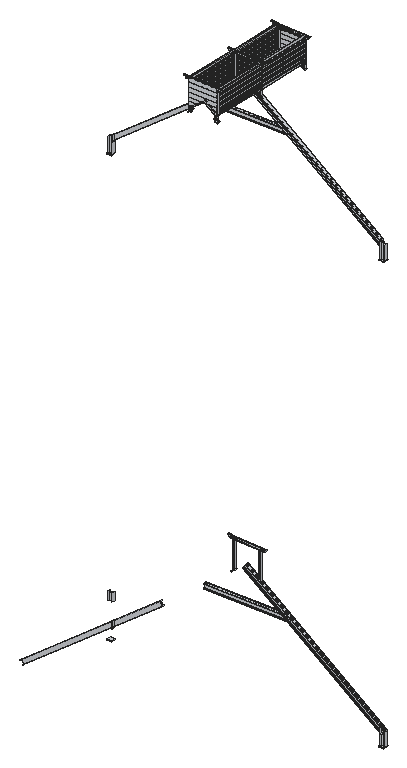
Revit family "STC_A3-Roof-Vent-Steel", category Generic Models, Revit 2016
Family settings
  Part Type = Normal
  Can host rebar = No
  Round Connector Dimension = Use Diameter
  Work Plane-Based = No
  Always vertical = Yes
  Cut with Voids When Loaded = No
  Shared = No
  Room Calculation Point = No
Parameters (values of type "Roof Vent Steel")
  Assembly Code = ""
Reference planes
  plane 1 "Center (Front/Back)": y = 0
  plane 2: z = 0
  plane 3 "Center (Left/Right)": x = 0
  plane 4: z = 2935.592
  plane 5: x = 600
  plane 6: x = -600
  plane 7: z = 4829.008
  plane 8: z = 6219.008
  plane 9: z = 6177.008
  plane 10 "Centre Line WA": y = -97.594
  plane 11: through (-750.378, -1524, 6224.606) normal (0.0352, 0, 0.9994)
  plane 12: through (725.637, -1524, 6172.585) normal (0.9994, 0, -0.0352)
  plane 13: through (-752.139, -1524, 6174.637) normal (0.0352, 0, 0.9994)
  plane 14: through (-1990.995, -1524, 6268.331) normal (0.0352, 0, 0.9994)
  plane 15: through (-514.98, -1524, 6216.31) normal (0.9994, 0, -0.0352)
  plane 16: through (-1992.756, -1524, 6218.363) normal (0.0352, 0, 0.9994)
  plane 17: through (-424.259, -1524, 6213.112) normal (0.0352, 0, 0.9994)
  plane 18: through (1051.756, -1524, 6161.091) normal (0.9994, 0, -0.0352)
  plane 19: through (-426.02, -1524, 6163.143) normal (0.0352, 0, 0.9994)
  plane 20: through (-750.378, -1524, -13775.394) normal (0.0352, 0, 0.9994)
  plane 21: through (725.637, -1524, -13827.415) normal (0.9994, 0, -0.0352)
  plane 22: through (-752.139, -1524, -13825.363) normal (0.0352, 0, 0.9994)
  plane 23: through (-1990.995, -1524, -13731.669) normal (0.0352, 0, 0.9994)
  plane 24: through (-514.98, -1524, -13783.69) normal (0.9994, 0, -0.0352)
  plane 25: through (-1992.756, -1524, -13781.637) normal (0.0352, 0, 0.9994)
  plane 26: through (-424.259, -1524, -13786.888) normal (0.0352, 0, 0.9994)
  plane 27: through (1051.756, -1524, -13838.909) normal (0.9994, 0, -0.0352)
  plane 28: through (-426.02, -1524, -13836.857) normal (0.0352, 0, 0.9994)
  plane 29: through (-750.378, -1524, -13775.394) normal (0.0352, 0, 0.9994)
  plane 30: through (725.637, -1524, -13827.415) normal (0.9994, 0, -0.0352)
  plane 31: through (-752.139, -1524, -13825.363) normal (0.0352, 0, 0.9994)
  plane 32: through (-1990.995, -1524, -13731.669) normal (0.0352, 0, 0.9994)
  plane 33: through (-514.98, -1524, -13783.69) normal (0.9994, 0, -0.0352)
  plane 34: through (-1992.756, -1524, -13781.637) normal (0.0352, 0, 0.9994)
  plane 35: through (-424.259, -1524, -13786.888) normal (0.0352, 0, 0.9994)
  plane 36: through (1051.756, -1524, -13838.909) normal (0.9994, 0, -0.0352)
  plane 37: through (-426.02, -1524, -13836.857) normal (0.0352, 0, 0.9994)
  plane 38: y = -2597.594
  plane 39 "Centre Back": y = 2402.406
  plane 40: through (-750.378, -1524, 6224.606) normal (0.0352, 0, 0.9994)
  plane 41: through (725.637, -1524, 6172.585) normal (0.9994, 0, -0.0352)
  plane 42: through (-752.139, -1524, 6174.637) normal (0.0352, 0, 0.9994)
  plane 43: through (-1990.995, -1524, 6268.331) normal (0.0352, 0, 0.9994)
  plane 44: through (-514.98, -1524, 6216.31) normal (0.9994, 0, -0.0352)
  plane 45: through (-1992.756, -1524, 6218.363) normal (0.0352, 0, 0.9994)
  plane 46: through (-424.259, -1524, 6213.112) normal (0.0352, 0, 0.9994)
  plane 47: through (1051.756, -1524, 6161.091) normal (0.9994, 0, -0.0352)
  plane 48: through (-426.02, -1524, 6163.143) normal (0.0352, 0, 0.9994)
  plane 49: through (-750.378, 976, 6224.606) normal (0.0352, 0, 0.9994)
  plane 50: through (725.637, 976, 6172.585) normal (0.9994, 0, -0.0352)
  plane 51: through (-752.139, 976, 6174.637) normal (0.0352, 0, 0.9994)
  plane 52: through (-1990.995, 976, 6268.331) normal (0.0352, 0, 0.9994)
  plane 53: through (-514.98, 976, 6216.31) normal (0.9994, 0, -0.0352)
  plane 54: through (-1992.756, 976, 6218.363) normal (0.0352, 0, 0.9994)
  plane 55: through (-424.259, 976, 6213.112) normal (0.0352, 0, 0.9994)
  plane 56: through (1051.756, 976, 6161.091) normal (0.9994, 0, -0.0352)
  plane 57: through (-426.02, 976, 6163.143) normal (0.0352, 0, 0.9994)
  plane 58: through (-750.378, -4024, 6224.606) normal (0.0352, 0, 0.9994)
  plane 59: through (725.637, -4024, 6172.585) normal (0.9994, 0, -0.0352)
  plane 60: through (-752.139, -4024, 6174.637) normal (0.0352, 0, 0.9994)
  plane 61: through (-1990.995, -4024, 6268.331) normal (0.0352, 0, 0.9994)
  plane 62: through (-514.98, -4024, 6216.31) normal (0.9994, 0, -0.0352)
  plane 63: through (-1992.756, -4024, 6218.363) normal (0.0352, 0, 0.9994)
  plane 64: through (-424.259, -4024, 6213.112) normal (0.0352, 0, 0.9994)
  plane 65: through (1051.756, -4024, 6161.091) normal (0.9994, 0, -0.0352)
  plane 66: through (-426.02, -4024, 6163.143) normal (0.0352, 0, 0.9994)
  plane 67 "L-top": z = 6069.308
  plane 68 "L-Bot": z = 5139.308
Forms (mm)
  Sweep 1, solid
    path origin (284.924, -97.594, 981.1) x (1, 0, 0) y (0, 0, 1)
      loop
        line (5965.063, -981.1) -> (5965.063, -145.802)
    profile "UB-Universal Beam-Profile : 203x133x30UB" origin (6249.988, -97.594, 417.649) x (-1, 0, 0) y (0, -1, 0)
      loop
        line (103.4, 66.95) -> (93.8, 66.95) -> (93.8, 3.2) -> (-93.8, 3.2) -> (-93.8, 66.95) -> (-103.4, 66.95) -> (-103.4, -66.95) -> (-93.8, -66.95) -> (-93.8, -3.2) -> (93.8, -3.2) -> (93.8, -66.95) -> (103.4, -66.95) -> (103.4, 66.95)
  Sweep 2, solid
    path origin (1608.181, -97.594, -3404.512) x (0.587785, 0, 0.809017) y (-0.809017, 0, 0.587785)
      loop
        line (5965.063, -1456.401) -> (5965.063, 6430.415)
    profile "UB-Universal Beam-Profile : 203x133x30UB" origin (3102.327, -97.594, 2883.152) x (-0.587785, 0, -0.809017) y (0, -1, 0)
      loop
        line (103.4, 66.95) -> (93.8, 66.95) -> (93.8, 3.2) -> (-93.8, 3.2) -> (-93.8, 66.95) -> (-103.4, 66.95) -> (-103.4, -66.95) -> (-93.8, -66.95) -> (-93.8, -3.2) -> (93.8, -3.2) -> (93.8, -66.95) -> (103.4, -66.95) -> (103.4, 66.95)
  Sweep 3, solid
    path origin (739.868, -97.594, 9700.656) x (0, 0, -1) y (1, 0, 0)
      loop
        line (5965.063, -2674.695) -> (5965.063, 1194.96)
    profile "UB-Universal Beam-Profile : 203x133x30UB" origin (0, -97.594, 3735.592) x (0, 0, 1) y (0, -1, 0)
      loop
        line (103.4, 66.95) -> (93.8, 66.95) -> (93.8, 3.2) -> (-93.8, 3.2) -> (-93.8, 66.95) -> (-103.4, 66.95) -> (-103.4, -66.95) -> (-93.8, -66.95) -> (-93.8, -3.2) -> (93.8, -3.2) -> (93.8, -66.95) -> (103.4, -66.95) -> (103.4, 66.95)
  Extrusion 4, void
    sketch origin (284.924, -97.594, 981.1) x (1, 0, 0) y (0, 0, 1)
      loop
        line (-284.924, 3895.562) -> (-284.924, 4355.562) -> (-524.924, 4355.562) -> (-524.924, 3895.562) -> (-284.924, 3895.562)
    from -357.342 to 250
  Extrusion 5, void
    sketch origin (6691.586, -97.594, -3048.802) x (1, 0, 0) y (0, 0, 1)
      loop
        line (-284.924, 3659.023) -> (-284.924, 3995.15) -> (-609.924, 3995.15) -> (-609.924, 3895.15) -> (-284.924, 3659.023)
    from -357.342 to 250
  Extrusion 6, void
    sketch origin (6431.491, -97.594, -3481.672) x (1, 0, 0) y (0, 0, 1)
      loop
        line (-284.904, 3930.369) -> (145.096, 3930.369) -> (145.096, 4290.369) -> (-284.904, 4290.369) -> (-284.904, 3930.369)
    from -357.342 to 250
  Extrusion 7, void
    sketch origin (394.95, -97.594, 901.161) x (1, 0, 0) y (0, 0, 1)
      loop
        line (1107.928, 3016.248) -> (1595.229, 2662.203) -> (1716.783, 2829.508) -> (1229.482, 3183.553) -> (1107.928, 3016.248)
    from -445.188 to 250
  Sweep 8, solid
    path origin (-284.924, -97.594, 981.1) x (-1, 0, 0) y (0, 0, 1)
      loop
        line (5965.063, -981.1) -> (5965.063, -145.802)
    profile "UB-Universal Beam-Profile : 203x133x30UB" origin (-6249.987, -97.594, 417.649) x (-1, 0, 0) y (0, -1, 0)
      loop
        line (103.4, -66.95) -> (103.4, 66.95) -> (93.8, 66.95) -> (93.8, 3.2) -> (-93.8, 3.2) -> (-93.8, 66.95) -> (-103.4, 66.95) -> (-103.4, -66.95) -> (-93.8, -66.95) -> (-93.8, -3.2) -> (93.8, -3.2) -> (93.8, -66.95) -> (103.4, -66.95)
  Sweep 9, solid
    path origin (-1608.181, -97.594, -3404.512) x (-0.587785, 0, 0.809017) y (0.809017, 0, 0.587785)
      loop
        line (5965.063, -1456.401) -> (5965.063, 6430.415)
    profile "UB-Universal Beam-Profile : 203x133x30UB" origin (-3102.327, -97.594, 2883.152) x (-0.587785, 0, 0.809017) y (0, -1, 0)
      loop
        line (103.4, -66.95) -> (103.4, 66.95) -> (93.8, 66.95) -> (93.8, 3.2) -> (-93.8, 3.2) -> (-93.8, 66.95) -> (-103.4, 66.95) -> (-103.4, -66.95) -> (-93.8, -66.95) -> (-93.8, -3.2) -> (93.8, -3.2) -> (93.8, -66.95) -> (103.4, -66.95)
  Extrusion 10, void
    sketch origin (-284.924, -97.594, 981.1) x (-1, 0, 0) y (0, 0, -1)
      loop
        line (-284.924, -3895.562) -> (-524.924, -3895.562) -> (-524.924, -4355.562) -> (-284.924, -4355.562) -> (-284.924, -3895.562)
    from -357.342 to 250
  Extrusion 11, void
    sketch origin (-284.924, -97.594, 981.1) x (-1, 0, 0) y (0, 0, -1)
      loop
        line (5861.663, 616.808) -> (5861.663, 36.808) -> (6301.663, 36.808) -> (6301.663, 616.808) -> (5861.663, 616.808)
    from -558.121 to 250
  Extrusion 12, void
    sketch origin (-394.95, -97.594, 901.161) x (-1, 0, 0) y (0, 0, -1)
      loop
        line (1107.928, -3016.248) -> (1229.482, -3183.553) -> (1716.783, -2829.508) -> (1595.229, -2662.203) -> (1107.928, -3016.248)
    from -445.188 to 250
  Extrusion 13, void
    sketch origin (-6691.586, -97.594, -3048.802) x (-1, 0, 0) y (0, 0, -1)
      loop
        line (-284.924, -3659.023) -> (-609.924, -3895.15) -> (-609.924, -3995.15) -> (-284.924, -3995.15) -> (-284.924, -3659.023)
    from -357.342 to 250
  Extrusion 14, solid
    sketch origin (0, 0, -16) x (1, 0, 0) y (0, 1, 0)
      loop
        line (-6139.987, -197.594) -> (-6139.987, 2.406) -> (-6359.987, 2.406) -> (-6359.987, -197.594) -> (-6139.987, -197.594)
    from 0 to 16
  Extrusion 15, solid
    sketch origin (0, 0, -16) x (-1, 0, 0) y (0, -1, 0)
      loop
        line (-6139.987, 197.594) -> (-6359.987, 197.594) -> (-6359.987, -2.406) -> (-6139.987, -2.406) -> (-6139.987, 197.594)
    from 0 to 16
  Extrusion 16, solid
    sketch origin (-6146.587, 0, -5549.187) x (0, 0, -1) y (0, 1, 0)
      loop
        line (-6059.988, -164.544) -> (-6059.988, -30.644) -> (-6359.988, -30.644) -> (-6359.988, -164.544) -> (-6059.988, -164.544)
    from 0 to 16
  Extrusion 17, solid
    sketch origin (6146.587, 0, -5549.187) x (0, 0, -1) y (0, -1, 0)
      loop
        line (-6059.988, 164.544) -> (-6359.988, 164.544) -> (-6359.988, 30.644) -> (-6059.988, 30.644) -> (-6059.988, 164.544)
    from 0 to 16
  Sweep 18, solid
    path origin (5369.644, -97.594, 5998.385) x (-1, 0, 0) y (0, 0, -1)
      loop
        line (4769.644, 1201.403) -> (4769.644, -128.597) -> (5965.063, -170.729) -> (5965.063, 1194.96)
    profile "UB-Universal Beam-Profile : 100x50x3x5 RHS" origin (-595.419, -97.594, 5486.269) x (1, 0, 0) y (0, -1, 0)
      loop
        line (50, 25) -> (45, 25) -> (45, 1.5) -> (-45, 1.5) -> (-45, 25) -> (-50, 25) -> (-50, -25) -> (-45, -25) -> (-45, -1.5) -> (45, -1.5) -> (45, -25) -> (50, -25) -> (50, 25)
  Extrusion 19, void
    sketch origin (-3429.851, -97.594, 6772.397) x (0, 0, -1) y (1, 0, 0)
      loop
        line (1974.393, 2776.97) -> (1978.972, 2776.97) -> (1978.972, 2890.233) -> (1892.103, 2890.233) -> (1974.393, 2776.97)
    from -445.188 to 250
  Extrusion 20, void
    sketch origin (-3827.05, -97.594, 4727.74) x (0, 0, 1) y (-1, 0, 0)
      loop
        line (1384.516, -3056.254) -> (1509.062, -2929.375) -> (1510.378, -2892.051) -> (1390.452, -2887.824) -> (1384.516, -3056.254)
      loop
        line (1367.098, -3181.631) -> (1367.098, -3196.631) -> (1507.098, -3196.631) -> (1507.098, -3181.631) -> (1367.098, -3181.631)
    from -445.188 to 250
  Extrusion 21, solid
    sketch origin (0, 0, 0) x (1, 0, 0) y (0, 0, 1)
      loop
        line (-678.402, 4772.046) -> (-513.267, 4892.023) -> (-516.794, 4896.877) -> (-681.928, 4776.9) -> (-678.402, 4772.046)
    from 30.644 to 164.544
  Extrusion 22, solid
    sketch origin (0, 0, 0) x (-1, 0, 0) y (0, 0, -1)
      loop
        line (-678.402, -4772.046) -> (-681.928, -4776.9) -> (-516.794, -4896.877) -> (-513.267, -4892.023) -> (-678.402, -4772.046)
    from 30.644 to 164.544
  Extrusion 23, void
    sketch origin (3429.851, -97.594, 6772.397) x (0, 0, -1) y (1, 0, 0)
      loop
        line (1974.393, -2776.97) -> (1892.103, -2890.233) -> (1978.972, -2890.233) -> (1978.972, -2776.97) -> (1974.393, -2776.97)
    from -445.188 to 250
  Sweep 24, solid
    path origin (4129.027, -97.594, 6042.11) x (-1, 0, 0) y (0, 0, -1)
      loop
        line (5049.47, -138.459) -> (4769.644, -128.597)
    profile "UB-Universal Beam-Profile : 100x50 IPE" origin (-780.53, -97.594, 6175.638) x (0.035223, 0, 0.999379) y (0, -1, 0)
      loop
        line (50, 25) -> (40, 25) -> (40, 1.5) -> (-40, 1.5) -> (-40, 25) -> (-50, 25) -> (-50, -25) -> (-40, -25) -> (-40, -1.5) -> (40, -1.5) -> (40, -25) -> (50, -25) -> (50, 25)
  Extrusion 25, void
    sketch origin (3827.05, -97.594, 4727.74) x (0, 0, 1) y (-1, 0, 0)
      loop
        line (1445.532, 2922.164) -> (1334.587, 3039.261) -> (1328.992, 2880.51) -> (1443.921, 2876.459) -> (1445.532, 2922.164)
      loop
        line (1447.511, 3177.05) -> (1447.511, 3196.694) -> (1340.136, 3196.694) -> (1340.136, 3177.05) -> (1447.511, 3177.05)
    from -445.188 to 250
  Sweep 26, solid
    path origin (5695.763, -97.594, 5986.891) x (-1, 0, 0) y (0, 0, -1)
      loop
        line (5052.327, -138.56) -> (4769.644, -128.597)
    profile "UB-Universal Beam-Profile : 100x50 IPE" origin (784.777, -97.594, 6120.469) x (0.035223, 0, 0.999379) y (0, -1, 0)
      loop
        line (50, 25) -> (40, 25) -> (40, 1.5) -> (-40, 1.5) -> (-40, 25) -> (-50, 25) -> (-50, -25) -> (-40, -25) -> (-40, -1.5) -> (40, -1.5) -> (40, -25) -> (50, -25) -> (50, 25)
  Extrusion 27, solid
    sketch origin (4.408, 0, 0) x (1, 0, 0) y (0, 0, 1)
      loop
        line (-601.828, 5128.062) -> (-643.828, 5128.062)
        arc (-643.828, 5128.062) -> (-646.656, 5126.891) -> (-647.828, 5124.062) r 4
        line (-647.828, 5124.062) -> (-647.828, 5034.235)
        arc (-647.828, 5034.235) -> (-646.656, 5031.406) -> (-643.828, 5030.235) r 4
        line (-643.828, 5030.235) -> (-601.828, 5030.235)
        arc (-601.828, 5030.235) -> (-598.999, 5031.406) -> (-597.828, 5034.235) r 4
        line (-597.828, 5034.235) -> (-597.828, 5050.235) -> (-600.828, 5050.235) -> (-600.828, 5034.235)
        arc (-600.828, 5034.235) -> (-601.121, 5033.527) -> (-601.828, 5033.235) r 1
        line (-601.828, 5033.235) -> (-643.828, 5033.235)
        arc (-643.828, 5033.235) -> (-644.535, 5033.527) -> (-644.828, 5034.235) r 1
        line (-644.828, 5034.235) -> (-644.828, 5124.062)
        arc (-644.828, 5124.062) -> (-644.535, 5124.769) -> (-643.828, 5125.062) r 1
        line (-643.828, 5125.062) -> (-601.828, 5125.062)
        arc (-601.828, 5125.062) -> (-601.121, 5124.769) -> (-600.828, 5124.062) r 1
        line (-600.828, 5124.062) -> (-600.828, 5108.062) -> (-597.828, 5108.062) -> (-597.828, 5124.062)
        arc (-597.828, 5124.062) -> (-598.999, 5126.891) -> (-601.828, 5128.062) r 4
      loop
        arc (-643.828, 6221.838) -> (-646.656, 6220.666) -> (-647.828, 6217.838) r 4
        line (-647.828, 6217.838) -> (-647.828, 6075.838)
        arc (-647.828, 6075.838) -> (-646.656, 6073.009) -> (-643.828, 6071.838) r 4
        line (-643.828, 6071.838) -> (-601.828, 6071.838)
        arc (-601.828, 6071.838) -> (-598.999, 6073.009) -> (-597.828, 6075.838) r 4
        line (-597.828, 6075.838) -> (-597.828, 6091.838) -> (-600.828, 6091.838) -> (-600.828, 6075.838)
        arc (-600.828, 6075.838) -> (-601.121, 6075.131) -> (-601.828, 6074.838) r 1
        line (-601.828, 6074.838) -> (-643.828, 6074.838)
        arc (-643.828, 6074.838) -> (-644.535, 6075.131) -> (-644.828, 6075.838) r 1
        line (-644.828, 6075.838) -> (-644.828, 6217.838)
        arc (-644.828, 6217.838) -> (-644.535, 6218.545) -> (-643.828, 6218.838) r 1
        line (-643.828, 6218.838) -> (-601.828, 6218.838)
        arc (-601.828, 6218.838) -> (-601.121, 6218.545) -> (-600.828, 6217.838) r 1
        line (-600.828, 6217.838) -> (-600.828, 6201.838) -> (-597.828, 6201.838) -> (-597.828, 6217.838)
        arc (-597.828, 6217.838) -> (-598.999, 6220.666) -> (-601.828, 6221.838) r 4
        line (-601.828, 6221.838) -> (-643.828, 6221.838)
      loop
        arc (596.791, 6167.838) -> (597.084, 6168.545) -> (597.791, 6168.838) r 1
        line (597.791, 6168.838) -> (639.791, 6168.838)
        arc (639.791, 6168.838) -> (640.498, 6168.545) -> (640.791, 6167.838) r 1
        line (640.791, 6167.838) -> (640.791, 6075.838)
        arc (640.791, 6075.838) -> (640.498, 6075.131) -> (639.791, 6074.838) r 1
        line (639.791, 6074.838) -> (597.791, 6074.838)
        arc (597.791, 6074.838) -> (597.084, 6075.131) -> (596.791, 6075.838) r 1
        line (596.791, 6075.838) -> (596.791, 6091.838) -> (593.791, 6091.838) -> (593.791, 6075.838)
        arc (593.791, 6075.838) -> (594.962, 6073.009) -> (597.791, 6071.838) r 4
        line (597.791, 6071.838) -> (639.791, 6071.838)
        arc (639.791, 6071.838) -> (642.619, 6073.009) -> (643.791, 6075.838) r 4
        line (643.791, 6075.838) -> (643.791, 6167.838)
        arc (643.791, 6167.838) -> (642.619, 6170.666) -> (639.791, 6171.838) r 4
        line (639.791, 6171.838) -> (597.791, 6171.838)
        arc (597.791, 6171.838) -> (594.962, 6170.666) -> (593.791, 6167.838) r 4
        line (593.791, 6167.838) -> (593.791, 6151.838) -> (596.791, 6151.838) -> (596.791, 6167.838)
      loop
        line (597.419, 5125.062) -> (639.419, 5125.062)
        arc (639.419, 5125.062) -> (640.126, 5124.769) -> (640.419, 5124.062) r 1
        line (640.419, 5124.062) -> (640.419, 5034.235)
        arc (640.419, 5034.235) -> (640.126, 5033.527) -> (639.419, 5033.235) r 1
        line (639.419, 5033.235) -> (597.419, 5033.235)
        arc (597.419, 5033.235) -> (596.712, 5033.527) -> (596.419, 5034.235) r 1
        line (596.419, 5034.235) -> (596.419, 5050.235) -> (593.419, 5050.235) -> (593.419, 5034.235)
        arc (593.419, 5034.235) -> (594.591, 5031.406) -> (597.419, 5030.235) r 4
        line (597.419, 5030.235) -> (639.419, 5030.235)
        arc (639.419, 5030.235) -> (642.248, 5031.406) -> (643.419, 5034.235) r 4
        line (643.419, 5034.235) -> (643.419, 5124.062)
        arc (643.419, 5124.062) -> (642.248, 5126.891) -> (639.419, 5128.062) r 4
        line (639.419, 5128.062) -> (597.419, 5128.062)
        arc (597.419, 5128.062) -> (594.591, 5126.891) -> (593.419, 5124.062) r 4
        line (593.419, 5124.062) -> (593.419, 5108.062) -> (596.419, 5108.062) -> (596.419, 5124.062)
        arc (596.419, 5124.062) -> (596.712, 5124.769) -> (597.419, 5125.062) r 1
    from 100.794 to 2596.094
  Sweep 28, solid
    path origin (284.924, -97.594, -19018.9) x (1, 0, 0) y (0, 0, 1)
      loop
        line (5965.063, -981.1) -> (5965.063, -145.802)
    profile "UB-Universal Beam-Profile : 203x133x30UB" origin (6249.988, -97.594, -19582.351) x (-1, 0, 0) y (0, -1, 0)
      loop
        line (103.4, 66.95) -> (93.8, 66.95) -> (93.8, 3.2) -> (-93.8, 3.2) -> (-93.8, 66.95) -> (-103.4, 66.95) -> (-103.4, -66.95) -> (-93.8, -66.95) -> (-93.8, -3.2) -> (93.8, -3.2) -> (93.8, -66.95) -> (103.4, -66.95) -> (103.4, 66.95)
  Sweep 29, solid
    path origin (1608.181, -97.594, -23404.512) x (0.587785, 0, 0.809017) y (-0.809017, 0, 0.587785)
      loop
        line (5965.063, -1456.401) -> (5965.063, 6430.415)
    profile "UB-Universal Beam-Profile : 203x133x30UB" origin (3102.327, -97.594, -17116.848) x (-0.587785, 0, -0.809017) y (0, -1, 0)
      loop
        line (103.4, 66.95) -> (93.8, 66.95) -> (93.8, 3.2) -> (-93.8, 3.2) -> (-93.8, 66.95) -> (-103.4, 66.95) -> (-103.4, -66.95) -> (-93.8, -66.95) -> (-93.8, -3.2) -> (93.8, -3.2) -> (93.8, -66.95) -> (103.4, -66.95) -> (103.4, 66.95)
  Sweep 30, solid
    path origin (739.868, -97.594, -10299.344) x (0, 0, -1) y (1, 0, 0)
      loop
        line (5965.063, -2674.695) -> (5965.063, 1194.96)
    profile "UB-Universal Beam-Profile : 203x133x30UB" origin (0, -97.594, -16264.408) x (0, 0, 1) y (0, -1, 0)
      loop
        line (103.4, 66.95) -> (93.8, 66.95) -> (93.8, 3.2) -> (-93.8, 3.2) -> (-93.8, 66.95) -> (-103.4, 66.95) -> (-103.4, -66.95) -> (-93.8, -66.95) -> (-93.8, -3.2) -> (93.8, -3.2) -> (93.8, -66.95) -> (103.4, -66.95) -> (103.4, 66.95)
  Extrusion 31, void
    sketch origin (6691.586, -97.594, -23048.802) x (1, 0, 0) y (0, 0, 1)
      loop
        line (-284.924, 3659.023) -> (-284.924, 3995.15) -> (-609.924, 3995.15) -> (-609.924, 3895.15) -> (-284.924, 3659.023)
    from -357.342 to 250
  Extrusion 32, void
    sketch origin (6431.491, -97.594, -23481.672) x (1, 0, 0) y (0, 0, 1)
      loop
        line (-284.904, 3930.369) -> (145.096, 3930.369) -> (145.096, 4290.369) -> (-284.904, 4290.369) -> (-284.904, 3930.369)
    from -357.342 to 250
  Sweep 33, solid
    path origin (-284.924, -97.594, -19018.9) x (-1, 0, 0) y (0, 0, -1)
      loop
        line (5965.063, -981.1) -> (5965.063, -145.802)
    profile "UB-Universal Beam-Profile : 203x133x30UB" origin (-6249.987, -97.594, -18455.449) x (1, 0, 0) y (0, -1, 0)
      loop
        line (103.4, -66.95) -> (103.4, 66.95) -> (93.8, 66.95) -> (93.8, 3.2) -> (-93.8, 3.2) -> (-93.8, 66.95) -> (-103.4, 66.95) -> (-103.4, -66.95) -> (-93.8, -66.95) -> (-93.8, -3.2) -> (93.8, -3.2) -> (93.8, -66.95) -> (103.4, -66.95)
  Sweep 34, solid
    path origin (-1608.181, -97.594, -23404.512) x (-0.587785, 0, 0.809017) y (-0.809017, 0, -0.587785)
      loop
        line (5965.063, -1456.401) -> (5965.063, 6430.415)
    profile "UB-Universal Beam-Profile : 203x133x30UB" origin (-7126.388, -97.594, -20040.5) x (0.587785, 0, -0.809017) y (0, -1, 0)
      loop
        line (103.4, -66.95) -> (103.4, 66.95) -> (93.8, 66.95) -> (93.8, 3.2) -> (-93.8, 3.2) -> (-93.8, 66.95) -> (-103.4, 66.95) -> (-103.4, -66.95) -> (-93.8, -66.95) -> (-93.8, -3.2) -> (93.8, -3.2) -> (93.8, -66.95) -> (103.4, -66.95)
  Extrusion 35, void
    sketch origin (-284.924, -97.594, -19018.9) x (-1, 0, 0) y (0, 0, -1)
      loop
        line (5861.663, -616.808) -> (6301.663, -616.808) -> (6301.663, -36.808) -> (5861.663, -36.808) -> (5861.663, -616.808)
    from -558.121 to 250
  Extrusion 36, void
    sketch origin (-6691.586, -97.594, -23048.802) x (-1, 0, 0) y (0, 0, -1)
      loop
        line (-284.924, 3659.023) -> (-284.924, 3995.15) -> (-609.924, 3995.15) -> (-609.924, 3895.15) -> (-284.924, 3659.023)
    from -357.342 to 250
  Extrusion 37, solid
    sketch origin (0, 0, -20016) x (1, 0, 0) y (0, 1, 0)
      loop
        line (-6139.987, -197.594) -> (-6139.987, 2.406) -> (-6359.987, 2.406) -> (-6359.987, -197.594) -> (-6139.987, -197.594)
    from 0 to 16
  Extrusion 38, solid
    sketch origin (0, 0, -20016) x (-1, 0, 0) y (0, -1, 0)
      loop
        line (-6139.987, 197.594) -> (-6359.987, 197.594) -> (-6359.987, -2.406) -> (-6139.987, -2.406) -> (-6139.987, 197.594)
    from 0 to 16
  Extrusion 39, solid
    sketch origin (-6146.587, 0, -25549.187) x (0, 0, -1) y (0, 1, 0)
      loop
        line (-6059.987, -164.544) -> (-6059.987, -30.644) -> (-6359.988, -30.644) -> (-6359.988, -164.544) -> (-6059.987, -164.544)
    from 0 to 16
  Extrusion 40, solid
    sketch origin (6146.587, 0, -25549.187) x (0, 0, -1) y (0, -1, 0)
      loop
        line (-6059.987, 164.544) -> (-6359.988, 164.544) -> (-6359.988, 30.644) -> (-6059.987, 30.644) -> (-6059.987, 164.544)
    from 0 to 16
  Sweep 41, solid
    path origin (5369.644, -97.594, -14001.615) x (-1, 0, 0) y (0, 0, -1)
      loop
        line (4769.644, 1201.403) -> (4769.644, -128.597) -> (5965.063, -170.729) -> (5965.063, 1194.96)
    profile "UB-Universal Beam-Profile : 100x50x3x5 RHS" origin (-595.419, -97.594, -14513.731) x (1, 0, 0) y (0, -1, 0)
      loop
        line (50, 25) -> (45, 25) -> (45, 1.5) -> (-45, 1.5) -> (-45, 25) -> (-50, 25) -> (-50, -25) -> (-45, -25) -> (-45, -1.5) -> (45, -1.5) -> (45, -25) -> (50, -25) -> (50, 25)
  Extrusion 42, void
    sketch origin (-3429.851, -97.594, -13227.603) x (0, 0, -1) y (1, 0, 0)
      loop
        line (1974.393, 2776.97) -> (1978.972, 2776.97) -> (1978.972, 2890.233) -> (1892.103, 2890.233) -> (1974.393, 2776.97)
    from -445.188 to 250
  Extrusion 43, void
    sketch origin (-3827.05, -97.594, -15272.26) x (0, 0, 1) y (-1, 0, 0)
      loop
        line (1384.516, -3056.254) -> (1509.062, -2929.375) -> (1510.378, -2892.051) -> (1390.452, -2887.824) -> (1384.516, -3056.254)
      loop
        line (1367.098, -3181.631) -> (1367.098, -3196.631) -> (1507.098, -3196.631) -> (1507.098, -3181.631) -> (1367.098, -3181.631)
    from -445.188 to 250
  Extrusion 44, solid
    sketch origin (0, 0, -20000) x (1, 0, 0) y (0, 0, 1)
      loop
        line (-678.402, 4772.046) -> (-513.267, 4892.023) -> (-516.794, 4896.877) -> (-681.928, 4776.9) -> (-678.402, 4772.046)
    from 30.644 to 164.544
  Extrusion 45, void
    sketch origin (3429.851, -97.594, -13227.603) x (0, 0, -1) y (1, 0, 0)
      loop
        line (1974.393, -2776.97) -> (1892.103, -2890.233) -> (1978.972, -2890.233) -> (1978.972, -2776.97) -> (1974.393, -2776.97)
    from -2751.44 to 3002.406
  Sweep 46, solid
    path origin (4129.027, -97.594, -13957.89) x (-1, 0, 0) y (0, 0, -1)
      loop
        line (5049.47, -138.459) -> (4769.644, -128.597)
    profile "UB-Universal Beam-Profile : 100x50 IPE" origin (-780.53, -97.594, -13824.362) x (0.035223, 0, 0.999379) y (0, -1, 0)
      loop
        line (50, 25) -> (40, 25) -> (40, 1.5) -> (-40, 1.5) -> (-40, 25) -> (-50, 25) -> (-50, -25) -> (-40, -25) -> (-40, -1.5) -> (40, -1.5) -> (40, -25) -> (50, -25) -> (50, 25)
  Extrusion 47, void
    sketch origin (3827.05, -97.594, -15272.26) x (0, 0, 1) y (-1, 0, 0)
      loop
        line (1445.532, 2922.164) -> (1334.587, 3039.261) -> (1328.992, 2880.51) -> (1443.921, 2876.459) -> (1445.532, 2922.164)
      loop
        line (1447.511, 3177.05) -> (1447.511, 3196.694) -> (1340.136, 3196.694) -> (1340.136, 3177.05) -> (1447.511, 3177.05)
    from -445.188 to 250
  Sweep 48, solid
    path origin (5695.763, -97.594, -14013.109) x (-1, 0, 0) y (0, 0, -1)
      loop
        line (5052.327, -138.56) -> (4769.644, -128.597)
    profile "UB-Universal Beam-Profile : 100x50 IPE" origin (784.777, -97.594, -13879.531) x (0.035223, 0, 0.999379) y (0, -1, 0)
      loop
        line (50, 25) -> (40, 25) -> (40, 1.5) -> (-40, 1.5) -> (-40, 25) -> (-50, 25) -> (-50, -25) -> (-40, -25) -> (-40, -1.5) -> (40, -1.5) -> (40, -25) -> (50, -25) -> (50, 25)
  Sweep 49, solid, not visible
    path origin (284.924, -97.594, -19018.9) x (1, 0, 0) y (0, 0, 1)
      loop
        line (5965.063, -981.1) -> (5965.063, -145.802)
    profile "UB-Universal Beam-Profile : 203x133x30UB" origin (6249.988, -97.594, -19582.351) x (-1, 0, 0) y (0, -1, 0)
      loop
        line (103.4, 66.95) -> (93.8, 66.95) -> (93.8, 3.2) -> (-93.8, 3.2) -> (-93.8, 66.95) -> (-103.4, 66.95) -> (-103.4, -66.95) -> (-93.8, -66.95) -> (-93.8, -3.2) -> (93.8, -3.2) -> (93.8, -66.95) -> (103.4, -66.95) -> (103.4, 66.95)
  Sweep 50, solid, not visible
    path origin (1608.181, -97.594, -23404.512) x (0.587785, 0, 0.809017) y (-0.809017, 0, 0.587785)
      loop
        line (5965.063, -1456.401) -> (5965.063, 6430.415)
    profile "UB-Universal Beam-Profile : 203x133x30UB" origin (3102.327, -97.594, -17116.848) x (-0.587785, 0, -0.809017) y (0, -1, 0)
      loop
        line (103.4, 66.95) -> (93.8, 66.95) -> (93.8, 3.2) -> (-93.8, 3.2) -> (-93.8, 66.95) -> (-103.4, 66.95) -> (-103.4, -66.95) -> (-93.8, -66.95) -> (-93.8, -3.2) -> (93.8, -3.2) -> (93.8, -66.95) -> (103.4, -66.95) -> (103.4, 66.95)
  Sweep 51, solid, not visible
    path origin (739.868, -97.594, -10299.344) x (0, 0, -1) y (1, 0, 0)
      loop
        line (5965.063, -2674.695) -> (5965.063, 1194.96)
    profile "UB-Universal Beam-Profile : 203x133x30UB" origin (0, -97.594, -16264.408) x (0, 0, 1) y (0, -1, 0)
      loop
        line (103.4, 66.95) -> (93.8, 66.95) -> (93.8, 3.2) -> (-93.8, 3.2) -> (-93.8, 66.95) -> (-103.4, 66.95) -> (-103.4, -66.95) -> (-93.8, -66.95) -> (-93.8, -3.2) -> (93.8, -3.2) -> (93.8, -66.95) -> (103.4, -66.95) -> (103.4, 66.95)
  Extrusion 52, void, not visible
    sketch origin (6691.586, -97.594, -23048.802) x (1, 0, 0) y (0, 0, 1)
      loop
        line (-284.924, 3659.023) -> (-284.924, 3995.15) -> (-609.924, 3995.15) -> (-609.924, 3895.15) -> (-284.924, 3659.023)
    from -357.342 to 250
  Extrusion 53, void, not visible
    sketch origin (6431.491, -97.594, -23481.672) x (1, 0, 0) y (0, 0, 1)
      loop
        line (-284.904, 3930.369) -> (145.096, 3930.369) -> (145.096, 4290.369) -> (-284.904, 4290.369) -> (-284.904, 3930.369)
    from -357.342 to 250
  Sweep 54, solid, not visible
    path origin (-284.924, -97.594, -19018.9) x (-1, 0, 0) y (0, 0, -1)
      loop
        line (5965.063, -981.1) -> (5965.063, -145.802)
    profile "UB-Universal Beam-Profile : 203x133x30UB" origin (-6249.987, -97.594, -18455.449) x (1, 0, 0) y (0, -1, 0)
      loop
        line (103.4, -66.95) -> (103.4, 66.95) -> (93.8, 66.95) -> (93.8, 3.2) -> (-93.8, 3.2) -> (-93.8, 66.95) -> (-103.4, 66.95) -> (-103.4, -66.95) -> (-93.8, -66.95) -> (-93.8, -3.2) -> (93.8, -3.2) -> (93.8, -66.95) -> (103.4, -66.95)
  Sweep 55, solid, not visible
    path origin (-1608.181, -97.594, -23404.512) x (-0.587785, 0, 0.809017) y (-0.809017, 0, -0.587785)
      loop
        line (5965.063, -1456.401) -> (5965.063, 6430.415)
    profile "UB-Universal Beam-Profile : 203x133x30UB" origin (-7126.388, -97.594, -20040.5) x (0.587785, 0, -0.809017) y (0, -1, 0)
      loop
        line (103.4, -66.95) -> (103.4, 66.95) -> (93.8, 66.95) -> (93.8, 3.2) -> (-93.8, 3.2) -> (-93.8, 66.95) -> (-103.4, 66.95) -> (-103.4, -66.95) -> (-93.8, -66.95) -> (-93.8, -3.2) -> (93.8, -3.2) -> (93.8, -66.95) -> (103.4, -66.95)
  Extrusion 56, void, not visible
    sketch origin (-284.924, -97.594, -19018.9) x (-1, 0, 0) y (0, 0, -1)
      loop
        line (5861.663, -616.808) -> (6301.663, -616.808) -> (6301.663, -36.808) -> (5861.663, -36.808) -> (5861.663, -616.808)
    from -558.121 to 250
  Extrusion 57, void, not visible
    sketch origin (-6691.586, -97.594, -23048.802) x (-1, 0, 0) y (0, 0, -1)
      loop
        line (-284.924, 3659.023) -> (-284.924, 3995.15) -> (-609.924, 3995.15) -> (-609.924, 3895.15) -> (-284.924, 3659.023)
    from -357.342 to 250
  Extrusion 58, solid, not visible
    sketch origin (0, 0, -20016) x (1, 0, 0) y (0, 1, 0)
      loop
        line (-6139.987, -197.594) -> (-6139.987, 2.406) -> (-6359.987, 2.406) -> (-6359.987, -197.594) -> (-6139.987, -197.594)
    from 0 to 16
  Extrusion 59, solid, not visible
    sketch origin (0, 0, -20016) x (-1, 0, 0) y (0, -1, 0)
      loop
        line (-6139.987, 197.594) -> (-6359.987, 197.594) -> (-6359.987, -2.406) -> (-6139.987, -2.406) -> (-6139.987, 197.594)
    from 0 to 16
  Extrusion 60, solid, not visible
    sketch origin (-6146.587, 0, -25549.187) x (0, 0, -1) y (0, 1, 0)
      loop
        line (-6059.987, -164.544) -> (-6059.987, -30.644) -> (-6359.988, -30.644) -> (-6359.988, -164.544) -> (-6059.987, -164.544)
    from 0 to 16
  Extrusion 61, solid, not visible
    sketch origin (6146.587, 0, -25549.187) x (0, 0, -1) y (0, -1, 0)
      loop
        line (-6059.987, 164.544) -> (-6359.988, 164.544) -> (-6359.988, 30.644) -> (-6059.987, 30.644) -> (-6059.987, 164.544)
    from 0 to 16
  Sweep 62, solid, not visible
    path origin (5369.644, -97.594, -14001.615) x (-1, 0, 0) y (0, 0, -1)
      loop
        line (4769.644, 1201.403) -> (4769.644, -128.597) -> (5965.063, -170.729) -> (5965.063, 1194.96)
    profile "UB-Universal Beam-Profile : 100x50x3x5 RHS" origin (-595.419, -97.594, -14513.731) x (1, 0, 0) y (0, -1, 0)
      loop
        line (50, 25) -> (45, 25) -> (45, 1.5) -> (-45, 1.5) -> (-45, 25) -> (-50, 25) -> (-50, -25) -> (-45, -25) -> (-45, -1.5) -> (45, -1.5) -> (45, -25) -> (50, -25) -> (50, 25)
  Extrusion 63, void, not visible
    sketch origin (-3429.851, -97.594, -13227.603) x (0, 0, -1) y (1, 0, 0)
      loop
        line (1974.393, 2776.97) -> (1978.972, 2776.97) -> (1978.972, 2890.233) -> (1892.103, 2890.233) -> (1974.393, 2776.97)
    from -445.188 to 250
  Extrusion 64, void, not visible
    sketch origin (-3827.05, -97.594, -15272.26) x (0, 0, 1) y (-1, 0, 0)
      loop
        line (1384.516, -3056.254) -> (1509.062, -2929.375) -> (1510.378, -2892.051) -> (1390.452, -2887.824) -> (1384.516, -3056.254)
      loop
        line (1367.098, -3181.631) -> (1367.098, -3196.631) -> (1507.098, -3196.631) -> (1507.098, -3181.631) -> (1367.098, -3181.631)
    from -445.188 to 250
  Extrusion 65, solid, not visible
    sketch origin (0, 0, -20000) x (1, 0, 0) y (0, 0, 1)
      loop
        line (-678.402, 4772.046) -> (-513.267, 4892.023) -> (-516.794, 4896.877) -> (-681.928, 4776.9) -> (-678.402, 4772.046)
    from 30.644 to 164.544
  Extrusion 66, void, not visible
    sketch origin (3429.851, -97.594, -13227.603) x (0, 0, -1) y (1, 0, 0)
      loop
        line (1974.393, -2776.97) -> (1892.103, -2890.233) -> (1978.972, -2890.233) -> (1978.972, -2776.97) -> (1974.393, -2776.97)
    from -2751.44 to 3002.406
  Sweep 67, solid, not visible
    path origin (4129.027, -97.594, -13957.89) x (-1, 0, 0) y (0, 0, -1)
      loop
        line (5049.47, -138.459) -> (4769.644, -128.597)
    profile "UB-Universal Beam-Profile : 100x50 IPE" origin (-780.53, -97.594, -13824.362) x (0.035223, 0, 0.999379) y (0, -1, 0)
      loop
        line (50, 25) -> (40, 25) -> (40, 1.5) -> (-40, 1.5) -> (-40, 25) -> (-50, 25) -> (-50, -25) -> (-40, -25) -> (-40, -1.5) -> (40, -1.5) -> (40, -25) -> (50, -25) -> (50, 25)
  Extrusion 68, void, not visible
    sketch origin (3827.05, -97.594, -15272.26) x (0, 0, 1) y (-1, 0, 0)
      loop
        line (1445.532, 2922.164) -> (1334.587, 3039.261) -> (1328.992, 2880.51) -> (1443.921, 2876.459) -> (1445.532, 2922.164)
      loop
        line (1447.511, 3177.05) -> (1447.511, 3196.694) -> (1340.136, 3196.694) -> (1340.136, 3177.05) -> (1447.511, 3177.05)
    from -445.188 to 250
  Sweep 69, solid, not visible
    path origin (5695.763, -97.594, -14013.109) x (-1, 0, 0) y (0, 0, -1)
      loop
        line (5052.327, -138.56) -> (4769.644, -128.597)
    profile "UB-Universal Beam-Profile : 100x50 IPE" origin (784.777, -97.594, -13879.531) x (0.035223, 0, 0.999379) y (0, -1, 0)
      loop
        line (50, 25) -> (40, 25) -> (40, 1.5) -> (-40, 1.5) -> (-40, 25) -> (-50, 25) -> (-50, -25) -> (-40, -25) -> (-40, -1.5) -> (40, -1.5) -> (40, -25) -> (50, -25) -> (50, 25)
  Sweep 70, solid, not visible
    path origin (5369.644, -97.594, 5998.385) x (-1, 0, 0) y (0, 0, -1)
      loop
        line (4769.644, 1201.403) -> (4769.644, -128.597) -> (5965.063, -170.729) -> (5965.063, 1194.96)
    profile "UB-Universal Beam-Profile : 100x50x3x5 RHS" origin (-595.419, -97.594, 5486.269) x (1, 0, 0) y (0, -1, 0)
      loop
        line (50, 25) -> (45, 25) -> (45, 1.5) -> (-45, 1.5) -> (-45, 25) -> (-50, 25) -> (-50, -25) -> (-45, -25) -> (-45, -1.5) -> (45, -1.5) -> (45, -25) -> (50, -25) -> (50, 25)
  Extrusion 71, void, not visible
    sketch origin (-3429.851, -97.594, 6772.397) x (0, 0, -1) y (1, 0, 0)
      loop
        line (1974.393, 2776.97) -> (1978.972, 2776.97) -> (1978.972, 2890.233) -> (1892.103, 2890.233) -> (1974.393, 2776.97)
    from -445.188 to 250
  Extrusion 72, void, not visible
    sketch origin (-3827.05, -97.594, 4727.74) x (0, 0, 1) y (-1, 0, 0)
      loop
        line (1384.516, -3056.254) -> (1509.062, -2929.375) -> (1510.378, -2892.051) -> (1390.452, -2887.824) -> (1384.516, -3056.254)
      loop
        line (1367.098, -3181.631) -> (1367.098, -3196.631) -> (1507.098, -3196.631) -> (1507.098, -3181.631) -> (1367.098, -3181.631)
    from -445.188 to 250
  Extrusion 73, solid, not visible
    sketch origin (0, 0, 0) x (1, 0, 0) y (0, 0, 1)
      loop
        line (-678.402, 4772.046) -> (-513.267, 4892.023) -> (-516.794, 4896.877) -> (-681.928, 4776.9) -> (-678.402, 4772.046)
    from 30.644 to 164.544
  Extrusion 74, solid, not visible
    sketch origin (0, 0, 0) x (-1, 0, 0) y (0, 0, -1)
      loop
        line (-678.402, -4772.046) -> (-681.928, -4776.9) -> (-516.794, -4896.877) -> (-513.267, -4892.023) -> (-678.402, -4772.046)
    from 30.644 to 164.544
  Extrusion 75, void, not visible
    sketch origin (3429.851, -97.594, 6772.397) x (0, 0, -1) y (1, 0, 0)
      loop
        line (1974.393, -2776.97) -> (1892.103, -2890.233) -> (1978.972, -2890.233) -> (1978.972, -2776.97) -> (1974.393, -2776.97)
    from -445.188 to 250
  Sweep 76, solid, not visible
    path origin (4129.027, -97.594, 6042.11) x (-1, 0, 0) y (0, 0, -1)
      loop
        line (5049.47, -138.459) -> (4769.644, -128.597)
    profile "UB-Universal Beam-Profile : 100x50 IPE" origin (-780.53, -97.594, 6175.638) x (0.035223, 0, 0.999379) y (0, -1, 0)
      loop
        line (50, 25) -> (40, 25) -> (40, 1.5) -> (-40, 1.5) -> (-40, 25) -> (-50, 25) -> (-50, -25) -> (-40, -25) -> (-40, -1.5) -> (40, -1.5) -> (40, -25) -> (50, -25) -> (50, 25)
  Extrusion 77, void, not visible
    sketch origin (3827.05, -97.594, 4727.74) x (0, 0, 1) y (-1, 0, 0)
      loop
        line (1445.532, 2922.164) -> (1334.587, 3039.261) -> (1328.992, 2880.51) -> (1443.921, 2876.459) -> (1445.532, 2922.164)
      loop
        line (1447.511, 3177.05) -> (1447.511, 3196.694) -> (1340.136, 3196.694) -> (1340.136, 3177.05) -> (1447.511, 3177.05)
    from -445.188 to 250
  Sweep 78, solid, not visible
    path origin (5695.763, -97.594, 5986.891) x (-1, 0, 0) y (0, 0, -1)
      loop
        line (5052.327, -138.56) -> (4769.644, -128.597)
    profile "UB-Universal Beam-Profile : 100x50 IPE" origin (784.777, -97.594, 6120.469) x (0.035223, 0, 0.999379) y (0, -1, 0)
      loop
        line (50, 25) -> (40, 25) -> (40, 1.5) -> (-40, 1.5) -> (-40, 25) -> (-50, 25) -> (-50, -25) -> (-40, -25) -> (-40, -1.5) -> (40, -1.5) -> (40, -25) -> (50, -25) -> (50, 25)
  Sweep 79, solid
    path origin (5369.644, 2402.406, 5998.385) x (-1, 0, 0) y (0, 0, -1)
      loop
        line (4769.644, 1201.403) -> (4769.644, -128.597) -> (5965.063, -170.729) -> (5965.063, 1194.96)
    profile "UB-Universal Beam-Profile : 100x50x3x5 RHS" origin (-595.419, 2402.406, 5486.269) x (1, 0, 0) y (0, -1, 0)
      loop
        line (50, 25) -> (45, 25) -> (45, 1.5) -> (-45, 1.5) -> (-45, 25) -> (-50, 25) -> (-50, -25) -> (-45, -25) -> (-45, -1.5) -> (45, -1.5) -> (45, -25) -> (50, -25) -> (50, 25)
  Extrusion 80, solid
    sketch origin (0, 2500, 0) x (1, 0, 0) y (0, 0, 1)
      loop
        line (-678.402, 4772.046) -> (-513.267, 4892.023) -> (-516.794, 4896.877) -> (-681.928, 4776.9) -> (-678.402, 4772.046)
    from 30.644 to 164.544
  Extrusion 81, solid
    sketch origin (0, 2500, 0) x (-1, 0, 0) y (0, 0, -1)
      loop
        line (-678.402, -4772.046) -> (-681.928, -4776.9) -> (-516.794, -4896.877) -> (-513.267, -4892.023) -> (-678.402, -4772.046)
    from 30.644 to 164.544
  Sweep 82, solid
    path origin (4129.027, 2402.406, 6042.11) x (-1, 0, 0) y (0, 0, -1)
      loop
        line (5049.47, -138.459) -> (4769.644, -128.597)
    profile "UB-Universal Beam-Profile : 100x50 IPE" origin (-780.53, 2402.406, 6175.638) x (0.035223, 0, 0.999379) y (0, -1, 0)
      loop
        line (50, 25) -> (40, 25) -> (40, 1.5) -> (-40, 1.5) -> (-40, 25) -> (-50, 25) -> (-50, -25) -> (-40, -25) -> (-40, -1.5) -> (40, -1.5) -> (40, -25) -> (50, -25) -> (50, 25)
  Sweep 83, solid
    path origin (5695.763, 2402.406, 5986.891) x (-1, 0, 0) y (0, 0, -1)
      loop
        line (5052.327, -138.56) -> (4769.644, -128.597)
    profile "UB-Universal Beam-Profile : 100x50 IPE" origin (784.777, 2402.406, 6120.469) x (0.035223, 0, 0.999379) y (0, -1, 0)
      loop
        line (50, 25) -> (40, 25) -> (40, 1.5) -> (-40, 1.5) -> (-40, 25) -> (-50, 25) -> (-50, -25) -> (-40, -25) -> (-40, -1.5) -> (40, -1.5) -> (40, -25) -> (50, -25) -> (50, 25)
  Sweep 84, solid
    path origin (5369.644, -2597.594, 5998.385) x (-1, 0, 0) y (0, 0, -1)
      loop
        line (4769.644, 1201.403) -> (4769.644, -128.597) -> (5965.063, -170.729) -> (5965.063, 1194.96)
    profile "UB-Universal Beam-Profile : 100x50x3x5 RHS" origin (-595.419, -2597.594, 5486.269) x (1, 0, 0) y (0, -1, 0)
      loop
        line (50, 25) -> (45, 25) -> (45, 1.5) -> (-45, 1.5) -> (-45, 25) -> (-50, 25) -> (-50, -25) -> (-45, -25) -> (-45, -1.5) -> (45, -1.5) -> (45, -25) -> (50, -25) -> (50, 25)
  Extrusion 85, solid
    sketch origin (0, -2500, 0) x (1, 0, 0) y (0, 0, 1)
      loop
        line (-678.402, 4772.046) -> (-513.267, 4892.023) -> (-516.794, 4896.877) -> (-681.928, 4776.9) -> (-678.402, 4772.046)
    from 30.644 to 164.544
  Extrusion 86, solid
    sketch origin (0, -2500, 0) x (-1, 0, 0) y (0, 0, -1)
      loop
        line (-678.402, -4772.046) -> (-681.928, -4776.9) -> (-516.794, -4896.877) -> (-513.267, -4892.023) -> (-678.402, -4772.046)
    from 30.644 to 164.544
  Sweep 87, solid
    path origin (4129.027, -2597.594, 6042.11) x (-1, 0, 0) y (0, 0, -1)
      loop
        line (5049.47, -138.459) -> (4769.644, -128.597)
    profile "UB-Universal Beam-Profile : 100x50 IPE" origin (-780.53, -2597.594, 6175.638) x (0.035223, 0, 0.999379) y (0, -1, 0)
      loop
        line (50, 25) -> (40, 25) -> (40, 1.5) -> (-40, 1.5) -> (-40, 25) -> (-50, 25) -> (-50, -25) -> (-40, -25) -> (-40, -1.5) -> (40, -1.5) -> (40, -25) -> (50, -25) -> (50, 25)
  Sweep 88, solid
    path origin (5695.763, -2597.594, 5986.891) x (-1, 0, 0) y (0, 0, -1)
      loop
        line (5052.327, -138.56) -> (4769.644, -128.597)
    profile "UB-Universal Beam-Profile : 100x50 IPE" origin (784.777, -2597.594, 6120.469) x (0.035223, 0, 0.999379) y (0, -1, 0)
      loop
        line (50, 25) -> (40, 25) -> (40, 1.5) -> (-40, 1.5) -> (-40, 25) -> (-50, 25) -> (-50, -25) -> (-40, -25) -> (-40, -1.5) -> (40, -1.5) -> (40, -25) -> (50, -25) -> (50, 25)
  Extrusion 89, solid
    sketch origin (4.408, -195.188, 0) x (1, 0, 0) y (0, 0, -1)
      loop
        arc (-601.828, -5128.062) -> (-598.999, -5126.891) -> (-597.828, -5124.062) r 4
        line (-597.828, -5124.062) -> (-597.828, -5108.062) -> (-600.828, -5108.062) -> (-600.828, -5124.062)
        arc (-600.828, -5124.062) -> (-601.121, -5124.769) -> (-601.828, -5125.062) r 1
        line (-601.828, -5125.062) -> (-643.828, -5125.062)
        arc (-643.828, -5125.062) -> (-644.535, -5124.769) -> (-644.828, -5124.062) r 1
        line (-644.828, -5124.062) -> (-644.828, -5034.235)
        arc (-644.828, -5034.235) -> (-644.535, -5033.527) -> (-643.828, -5033.235) r 1
        line (-643.828, -5033.235) -> (-601.828, -5033.235)
        arc (-601.828, -5033.235) -> (-601.121, -5033.527) -> (-600.828, -5034.235) r 1
        line (-600.828, -5034.235) -> (-600.828, -5050.235) -> (-597.828, -5050.235) -> (-597.828, -5034.235)
        arc (-597.828, -5034.235) -> (-598.999, -5031.406) -> (-601.828, -5030.235) r 4
        line (-601.828, -5030.235) -> (-643.828, -5030.235)
        arc (-643.828, -5030.235) -> (-646.656, -5031.406) -> (-647.828, -5034.235) r 4
        line (-647.828, -5034.235) -> (-647.828, -5124.062)
        arc (-647.828, -5124.062) -> (-646.656, -5126.891) -> (-643.828, -5128.062) r 4
        line (-643.828, -5128.062) -> (-601.828, -5128.062)
      loop
        line (-643.828, -6221.838) -> (-601.828, -6221.838)
        arc (-601.828, -6221.838) -> (-598.999, -6220.666) -> (-597.828, -6217.838) r 4
        line (-597.828, -6217.838) -> (-597.828, -6201.838) -> (-600.828, -6201.838) -> (-600.828, -6217.838)
        arc (-600.828, -6217.838) -> (-601.121, -6218.545) -> (-601.828, -6218.838) r 1
        line (-601.828, -6218.838) -> (-643.828, -6218.838)
        arc (-643.828, -6218.838) -> (-644.535, -6218.545) -> (-644.828, -6217.838) r 1
        line (-644.828, -6217.838) -> (-644.828, -6075.838)
        arc (-644.828, -6075.838) -> (-644.535, -6075.131) -> (-643.828, -6074.838) r 1
        line (-643.828, -6074.838) -> (-601.828, -6074.838)
        arc (-601.828, -6074.838) -> (-601.121, -6075.131) -> (-600.828, -6075.838) r 1
        line (-600.828, -6075.838) -> (-600.828, -6091.838) -> (-597.828, -6091.838) -> (-597.828, -6075.838)
        arc (-597.828, -6075.838) -> (-598.999, -6073.009) -> (-601.828, -6071.838) r 4
        line (-601.828, -6071.838) -> (-643.828, -6071.838)
        arc (-643.828, -6071.838) -> (-646.656, -6073.009) -> (-647.828, -6075.838) r 4
        line (-647.828, -6075.838) -> (-647.828, -6217.838)
        arc (-647.828, -6217.838) -> (-646.656, -6220.666) -> (-643.828, -6221.838) r 4
      loop
        line (596.791, -6167.838) -> (596.791, -6151.838) -> (593.791, -6151.838) -> (593.791, -6167.838)
        arc (593.791, -6167.838) -> (594.962, -6170.666) -> (597.791, -6171.838) r 4
        line (597.791, -6171.838) -> (639.791, -6171.838)
        arc (639.791, -6171.838) -> (642.619, -6170.666) -> (643.791, -6167.838) r 4
        line (643.791, -6167.838) -> (643.791, -6075.838)
        arc (643.791, -6075.838) -> (642.619, -6073.009) -> (639.791, -6071.838) r 4
        line (639.791, -6071.838) -> (597.791, -6071.838)
        arc (597.791, -6071.838) -> (594.962, -6073.009) -> (593.791, -6075.838) r 4
        line (593.791, -6075.838) -> (593.791, -6091.838) -> (596.791, -6091.838) -> (596.791, -6075.838)
        arc (596.791, -6075.838) -> (597.084, -6075.131) -> (597.791, -6074.838) r 1
        line (597.791, -6074.838) -> (639.791, -6074.838)
        arc (639.791, -6074.838) -> (640.498, -6075.131) -> (640.791, -6075.838) r 1
        line (640.791, -6075.838) -> (640.791, -6167.838)
        arc (640.791, -6167.838) -> (640.498, -6168.545) -> (639.791, -6168.838) r 1
        line (639.791, -6168.838) -> (597.791, -6168.838)
        arc (597.791, -6168.838) -> (597.084, -6168.545) -> (596.791, -6167.838) r 1
      loop
        arc (597.419, -5125.062) -> (596.712, -5124.769) -> (596.419, -5124.062) r 1
        line (596.419, -5124.062) -> (596.419, -5108.062) -> (593.419, -5108.062) -> (593.419, -5124.062)
        arc (593.419, -5124.062) -> (594.591, -5126.891) -> (597.419, -5128.062) r 4
        line (597.419, -5128.062) -> (639.419, -5128.062)
        arc (639.419, -5128.062) -> (642.248, -5126.891) -> (643.419, -5124.062) r 4
        line (643.419, -5124.062) -> (643.419, -5034.235)
        arc (643.419, -5034.235) -> (642.248, -5031.406) -> (639.419, -5030.235) r 4
        line (639.419, -5030.235) -> (597.419, -5030.235)
        arc (597.419, -5030.235) -> (594.591, -5031.406) -> (593.419, -5034.235) r 4
        line (593.419, -5034.235) -> (593.419, -5050.235) -> (596.419, -5050.235) -> (596.419, -5034.235)
        arc (596.419, -5034.235) -> (596.712, -5033.527) -> (597.419, -5033.235) r 1
        line (597.419, -5033.235) -> (639.419, -5033.235)
        arc (639.419, -5033.235) -> (640.126, -5033.527) -> (640.419, -5034.235) r 1
        line (640.419, -5034.235) -> (640.419, -5124.062)
        arc (640.419, -5124.062) -> (640.126, -5124.769) -> (639.419, -5125.062) r 1
        line (639.419, -5125.062) -> (597.419, -5125.062)
    from 100.794 to 2596.094
  Extrusion 90, solid
    sketch origin (0, 2402.406, 0) x (1, 0, 0) y (0, 0, 1)
      loop
        line (-545.419, 5202.466) -> (-545.419, 5141.775) -> (0, 5538.045) -> (550, 5138.447) -> (550, 5199.138) -> (0, 5598.736) -> (-545.419, 5202.466)
    from -25 to 25
  Extrusion 91, solid
    sketch origin (0, -2597.594, 0) x (1, 0, 0) y (0, 0, -1)
      loop
        line (-545.419, -5202.466) -> (0, -5598.736) -> (550, -5199.138) -> (550, -5138.447) -> (0, -5538.045) -> (-545.419, -5141.775) -> (-545.419, -5202.466)
    from -25 to 25
  Extrusion 92, solid
    sketch origin (0, -97.594, 0) x (1, 0, 0) y (0, 0, 1)
      loop
        line (-659, 5139.308) -> (-614, 5184.308) -> (-614, 5193.308) -> (-616.25, 5193.308) -> (-616.25, 5185.24) -> (-661.3, 5140.19) -> (-661.3, 5131.308) -> (-659, 5131.308) -> (-659, 5139.308)
      loop
        line (-659, 5190.366) -> (-614, 5235.366) -> (-614, 5244.366) -> (-616.25, 5244.366) -> (-616.25, 5236.298) -> (-661.3, 5191.248) -> (-661.3, 5182.366) -> (-659, 5182.366) -> (-659, 5190.366)
      loop
        line (-659, 5241.425) -> (-614, 5286.425) -> (-614, 5295.425) -> (-616.25, 5295.425) -> (-616.25, 5287.357) -> (-661.3, 5242.307) -> (-661.3, 5233.425) -> (-659, 5233.425) -> (-659, 5241.425)
      loop
        line (-659, 5292.484) -> (-614, 5337.484) -> (-614, 5346.484) -> (-616.25, 5346.484) -> (-616.25, 5338.416) -> (-661.3, 5293.366) -> (-661.3, 5284.484) -> (-659, 5284.484) -> (-659, 5292.484)
      loop
        line (-659, 5343.543) -> (-614, 5388.543) -> (-614, 5397.543) -> (-616.25, 5397.543) -> (-616.25, 5389.475) -> (-661.3, 5344.425) -> (-661.3, 5335.543) -> (-659, 5335.543) -> (-659, 5343.543)
      loop
        line (-659, 5394.602) -> (-614, 5439.602) -> (-614, 5448.602) -> (-616.25, 5448.602) -> (-616.25, 5440.534) -> (-661.3, 5395.484) -> (-661.3, 5386.602) -> (-659, 5386.602) -> (-659, 5394.602)
      loop
        line (-659, 5445.661) -> (-614, 5490.661) -> (-614, 5499.661) -> (-616.25, 5499.661) -> (-616.25, 5491.593) -> (-661.3, 5446.543) -> (-661.3, 5437.661) -> (-659, 5437.661) -> (-659, 5445.661)
      loop
        line (-659, 5496.719) -> (-614, 5541.719) -> (-614, 5550.719) -> (-616.25, 5550.719) -> (-616.25, 5542.651) -> (-661.3, 5497.601) -> (-661.3, 5488.719) -> (-659, 5488.719) -> (-659, 5496.719)
      loop
        line (-659, 5547.778) -> (-614, 5592.778) -> (-614, 5601.778) -> (-616.25, 5601.778) -> (-616.25, 5593.71) -> (-661.3, 5548.66) -> (-661.3, 5539.778) -> (-659, 5539.778) -> (-659, 5547.778)
      loop
        line (-659, 5598.837) -> (-614, 5643.837) -> (-614, 5652.837) -> (-616.25, 5652.837) -> (-616.25, 5644.769) -> (-661.3, 5599.719) -> (-661.3, 5590.837) -> (-659, 5590.837) -> (-659, 5598.837)
      loop
        line (-659, 5649.896) -> (-614, 5694.896) -> (-614, 5703.896) -> (-616.25, 5703.896) -> (-616.25, 5695.828) -> (-661.3, 5650.778) -> (-661.3, 5641.896) -> (-659, 5641.896) -> (-659, 5649.896)
      loop
        line (-659, 5700.955) -> (-614, 5745.955) -> (-614, 5754.955) -> (-616.25, 5754.955) -> (-616.25, 5746.887) -> (-661.3, 5701.837) -> (-661.3, 5692.955) -> (-659, 5692.955) -> (-659, 5700.955)
      loop
        line (-659, 5752.014) -> (-614, 5797.014) -> (-614, 5806.014) -> (-616.25, 5806.014) -> (-616.25, 5797.946) -> (-661.3, 5752.896) -> (-661.3, 5744.014) -> (-659, 5744.014) -> (-659, 5752.014)
      loop
        line (-659, 5803.072) -> (-614, 5848.072) -> (-614, 5857.072) -> (-616.25, 5857.072) -> (-616.25, 5849.004) -> (-661.3, 5803.954) -> (-661.3, 5795.072) -> (-659, 5795.072) -> (-659, 5803.072)
      loop
        line (-659, 5854.131) -> (-614, 5899.131) -> (-614, 5908.131) -> (-616.25, 5908.131) -> (-616.25, 5900.063) -> (-661.3, 5855.013) -> (-661.3, 5846.131) -> (-659, 5846.131) -> (-659, 5854.131)
      loop
        line (-659, 5905.19) -> (-614, 5950.19) -> (-614, 5959.19) -> (-616.25, 5959.19) -> (-616.25, 5951.122) -> (-661.3, 5906.072) -> (-661.3, 5897.19) -> (-659, 5897.19) -> (-659, 5905.19)
      loop
        line (-659, 5956.249) -> (-614, 6001.249) -> (-614, 6010.249) -> (-616.25, 6010.249) -> (-616.25, 6002.181) -> (-661.3, 5957.131) -> (-661.3, 5948.249) -> (-659, 5948.249) -> (-659, 5956.249)
      loop
        line (-659, 6007.308) -> (-614, 6052.308) -> (-614, 6061.308) -> (-616.25, 6061.308) -> (-616.25, 6053.24) -> (-661.3, 6008.19) -> (-661.3, 5999.308) -> (-659, 5999.308) -> (-659, 6007.308)
      loop
        line (659, 5139.308) -> (659, 5131.308) -> (661.3, 5131.308) -> (661.3, 5140.19) -> (616.25, 5185.24) -> (616.25, 5193.308) -> (614, 5193.308) -> (614, 5184.308) -> (659, 5139.308)
      loop
        line (659, 5190.366) -> (659, 5182.366) -> (661.3, 5182.366) -> (661.3, 5191.248) -> (616.25, 5236.298) -> (616.25, 5244.366) -> (614, 5244.366) -> (614, 5235.366) -> (659, 5190.366)
      loop
        line (659, 5241.425) -> (659, 5233.425) -> (661.3, 5233.425) -> (661.3, 5242.307) -> (616.25, 5287.357) -> (616.25, 5295.425) -> (614, 5295.425) -> (614, 5286.425) -> (659, 5241.425)
      loop
        line (659, 5292.484) -> (659, 5284.484) -> (661.3, 5284.484) -> (661.3, 5293.366) -> (616.25, 5338.416) -> (616.25, 5346.484) -> (614, 5346.484) -> (614, 5337.484) -> (659, 5292.484)
      loop
        line (659, 5343.543) -> (659, 5335.543) -> (661.3, 5335.543) -> (661.3, 5344.425) -> (616.25, 5389.475) -> (616.25, 5397.543) -> (614, 5397.543) -> (614, 5388.543) -> (659, 5343.543)
      loop
        line (659, 5394.602) -> (659, 5386.602) -> (661.3, 5386.602) -> (661.3, 5395.484) -> (616.25, 5440.534) -> (616.25, 5448.602) -> (614, 5448.602) -> (614, 5439.602) -> (659, 5394.602)
      loop
        line (659, 5445.661) -> (659, 5437.661) -> (661.3, 5437.661) -> (661.3, 5446.543) -> (616.25, 5491.593) -> (616.25, 5499.661) -> (614, 5499.661) -> (614, 5490.661) -> (659, 5445.661)
      loop
        line (659, 5496.719) -> (659, 5488.719) -> (661.3, 5488.719) -> (661.3, 5497.601) -> (616.25, 5542.651) -> (616.25, 5550.719) -> (614, 5550.719) -> (614, 5541.719) -> (659, 5496.719)
      loop
        line (659, 5547.778) -> (659, 5539.778) -> (661.3, 5539.778) -> (661.3, 5548.66) -> (616.25, 5593.71) -> (616.25, 5601.778) -> (614, 5601.778) -> (614, 5592.778) -> (659, 5547.778)
      loop
        line (659, 5598.837) -> (659, 5590.837) -> (661.3, 5590.837) -> (661.3, 5599.719) -> (616.25, 5644.769) -> (616.25, 5652.837) -> (614, 5652.837) -> (614, 5643.837) -> (659, 5598.837)
      loop
        line (659, 5649.896) -> (659, 5641.896) -> (661.3, 5641.896) -> (661.3, 5650.778) -> (616.25, 5695.828) -> (616.25, 5703.896) -> (614, 5703.896) -> (614, 5694.896) -> (659, 5649.896)
      loop
        line (659, 5700.955) -> (659, 5692.955) -> (661.3, 5692.955) -> (661.3, 5701.837) -> (616.25, 5746.887) -> (616.25, 5754.955) -> (614, 5754.955) -> (614, 5745.955) -> (659, 5700.955)
      loop
        line (659, 5752.014) -> (659, 5744.014) -> (661.3, 5744.014) -> (661.3, 5752.896) -> (616.25, 5797.946) -> (616.25, 5806.014) -> (614, 5806.014) -> (614, 5797.014) -> (659, 5752.014)
      loop
        line (659, 5803.072) -> (659, 5795.072) -> (661.3, 5795.072) -> (661.3, 5803.954) -> (616.25, 5849.004) -> (616.25, 5857.072) -> (614, 5857.072) -> (614, 5848.072) -> (659, 5803.072)
      loop
        line (659, 5854.131) -> (659, 5846.131) -> (661.3, 5846.131) -> (661.3, 5855.013) -> (616.25, 5900.063) -> (616.25, 5908.131) -> (614, 5908.131) -> (614, 5899.131) -> (659, 5854.131)
      loop
        line (659, 5905.19) -> (659, 5897.19) -> (661.3, 5897.19) -> (661.3, 5906.072) -> (616.25, 5951.122) -> (616.25, 5959.19) -> (614, 5959.19) -> (614, 5950.19) -> (659, 5905.19)
      loop
        line (659, 5956.249) -> (659, 5948.249) -> (661.3, 5948.249) -> (661.3, 5957.131) -> (616.25, 6002.181) -> (616.25, 6010.249) -> (614, 6010.249) -> (614, 6001.249) -> (659, 5956.249)
      loop
        line (659, 6007.308) -> (659, 5999.308) -> (661.3, 5999.308) -> (661.3, 6008.19) -> (616.25, 6053.24) -> (616.25, 6061.308) -> (614, 6061.308) -> (614, 6052.308) -> (659, 6007.308)
    from 33 to 2467
